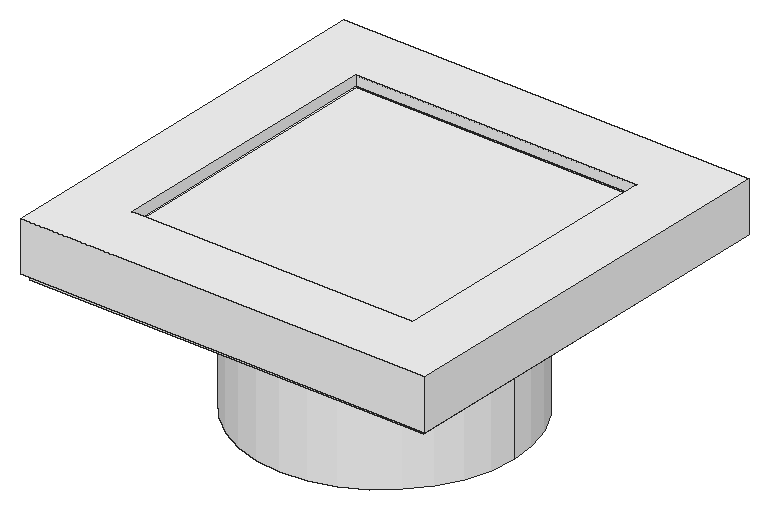
Revit family "Gira_012801", category Electrical Fixtures, host Face, Revit 2017
Family settings
  Host = Face
  Maintain Annotation Orientation = Yes
  Round Connector Dimension = Use Diameter
  Part Type = Normal
  Cut with Voids When Loaded = No
  Shared = No
  Room Calculation Point = No
Parameters (values of type "Tastschalter Wechselsch. 2f System 55 Cremeweiß")
  Zusammenstellung = "Basiselement mit zentraler Abdeckplatte"
  White [instance] = White
  Werkstoffgüte = "sonstige"
  Werkstoff = "sonstige"
  Waschmaschinenschalter = "No"
  URL = "http://katalog.gira.de/de_DE/datenblatt.html?artikelnr=012801"
  Textfeld/Beschriftungsfläche = "nein"
  Tastschalter = "Yes"
  Schaltungsart = "Wechsel-/Wechselschalter"
  Rückmeldekontakt = "No"
  Region = "DE"
  RAL-Nummer (ähnlich) = "1013 "
  Oberfläche = "sonstige"
  Nennspannung = "250 Volt"
  Name = "Tastschalter Wechselsch. 2f System 55 Cremeweiß"
  Montageart = "unter Putz"
  Model = "Sys55_Komplettgerät_Schalten und Tasten"
  Mit Montageplatte = "No"
  Manufacturer URL = "https://www.gira.de/"
  HeinzeBIM = "https://bimportal.heinze.de/bim/tastschalter-wechselsch-2f-system-55-cremeweiss/fd06888bcad226189dbe4f672d19de9b06a641b6"
  Halogenfrei = "Yes"
  HAN = "012801"
  Geeignet für Schutzart (IP) = "IP20"
  GTIN = "4010337128014"
  Farbe = "cremeweiß (elektroweiß)"
  Default Elevation = 1219.2 mm
  Data sheet (1) = "https://katalog.gira.de/de_DE/download.html?artikelnr=012801"
  Category = "Installationsschalter"
  Bemessungsstrom = "10 Ampere"
  Beleuchtung = "optional"
  Befestigungsart = "Krallen-/Schraubbefestigung"
  Bedienungsart = "Wippe/Taste"
  Available = "Yes"
  Ausführung der Oberfläche = "glänzend"
  Anzahl der Module (bei Modulbauweise) = "1 "
  Anzahl der Betätigungswippen = "2 "
  Anschlussart = "Steckklemme"
Reference planes
  plane 1 "Center (Front/Back)": y = 0
  plane 2: z = 0
  plane 3 "Center (Left/Right)": x = 0
Forms (mm)
  Extrusion 1, solid, material "White" <- "White", detail levels medium
    sketch origin (0, 0, 0) x (1, 0, 0) y (0, 1, 0)
      loop
        line (-40.4, 40.4) -> (-40.4, -40.4) -> (40.4, -40.4) -> (40.4, 40.4) -> (-40.4, 40.4)
      loop
        line (-28, 28) -> (-28, -28) -> (28, -28) -> (28, 28) -> (-28, 28)
    from 0 to 10
  Extrusion 2, solid, material "White" <- "White", detail levels fine
    sketch origin (0, 0, 0) x (1, 0, 0) y (0, 1, 0)
      loop
        line (-40.4, 40.4) -> (-40.4, -40.4) -> (40.4, -40.4) -> (40.4, 40.4) -> (-40.4, 40.4)
      loop
        line (-28, 28) -> (-28, -28) -> (28, -28) -> (28, 28) -> (-28, 28)
    from 0 to 10
  Extrusion 3, void
    sketch origin (0, 0, 0) x (1, 0, 0) y (0, 1, 0)
      loop
        line (-38.4, 38.4) -> (-38.4, -38.4) -> (38.4, -38.4) -> (38.4, 38.4) -> (-38.4, 38.4)
    from 0 to 8
  Extrusion 4, solid, material "White" <- "White", detail levels medium+fine
    sketch origin (0, 0, 0) x (1, 0, 0) y (0, 1, 0)
      loop
        line (-39.4, 39.4) -> (-39.4, -39.4) -> (39.4, -39.4) -> (39.4, 39.4) -> (-39.4, 39.4)
    from 0 to -1
  Extrusion 5, solid, material "White" <- "White", detail levels medium+fine
    sketch origin (0, 0, 0) x (1, 0, 0) y (0, 1, 0)
      loop
        line (-35.5, 35.5) -> (-35.5, -35.5) -> (35.5, -35.5) -> (35.5, 35.5) -> (-35.5, 35.5)
    from -2 to -3
  Extrusion 6, solid, material "White" <- "White", detail levels medium+fine
    sketch origin (0, 0, 0) x (1, 0, 0) y (0, 1, 0)
      loop
        circle (0, 0) r 26
    from 0 to -27.5
  Extrusion 7, solid, material "White" <- "White", detail levels coarse
    sketch origin (0, 0, 0) x (1, 0, 0) y (0, 1, 0)
      loop
        line (-40.4, 40.4) -> (-40.4, -40.4) -> (40.4, -40.4) -> (40.4, 40.4) -> (-40.4, 40.4)
    from -27.5 to 10
Cuts and joins
  Extrusion 3 cuts Extrusion 2
Dimensions and locks
  aligned and locked: plane 2 to host face
  aligned and locked: level to host face
  aligned and locked: plane 3 "Center (Left/Right)" to nested 2
  aligned and locked: plane 1 "Center (Front/Back)" to nested 2
Nested families
  nested 1: "Sys55_Abdeckung_Schalten und Tasten_floor_base" at (0, 0, 0), type "Sys55_Abdeckung_Schalten und Tasten_floor_base"
  nested 2: "Schalter" at (0, 0, 0), type "Schalter"
Connectors
  electrical at (0, 0, -27.5)
    settings: on Extrusion 6, index 1, voltage 220 V, apparent load 0 VA, apparent load phase1 0 VA, apparent load phase2 0 VA, apparent load phase3 0 VA, power factor 1, load classification "Other", number of poles 1, system type 30, power factor state 1, is connector primary yes, connector utility no, sub classification motor no, connector description ""
Definition of nested family "Sys55_Abdeckung_Schalten und Tasten_floor_base"
  Parameters
    Default Elevation = 1219.2 mm
    White [instance] = none
  Reference planes
    plane 1 "Center (Front/Back)": y = 0
    plane 2: z = 0
    plane 3 "Center (Left/Right)": x = 0
  Forms (mm)
    Extrusion 1, solid
      sketch origin (0, 0, 0) x (1, 0, 0) y (0, 1, 0)
        loop
          line (-1219.2, 1219.2) -> (-1219.2, -1219.2) -> (1219.2, -1219.2) -> (1219.2, 1219.2) -> (-1219.2, 1219.2)
      from 0 to -304.8
    Extrusion 2, solid, material <- "White", detail levels fine
      sketch origin (0, 0, 0) x (1, 0, 0) y (0, 1, 0)
        loop
          line (-27.5, 27.5) -> (-27.5, -27.5) -> (27.5, -27.5) -> (27.5, 27.5) -> (-27.5, 27.5)
      from 0 to 8
    Extrusion 3, void
      sketch origin (0, 0, 0) x (1, 0, 0) y (0, 1, 0)
        loop
          line (26, 26) -> (-26, 26) -> (-26, -26) -> (26, -26) -> (26, 26)
      from 0 to 6
    Extrusion 4, solid, material <- "White", detail levels medium
      sketch origin (0, 0, 0) x (1, 0, 0) y (0, 1, 0)
        loop
          line (-27.5, 27.5) -> (-27.5, -27.5) -> (27.5, -27.5) -> (27.5, 27.5) -> (-27.5, 27.5)
      from 0 to 8
    Extrusion 5, solid, material <- "White", detail levels medium
      sketch origin (0, 0, 0) x (1, 0, 0) y (0, 1, 0)
        loop
          line (11, -17.5) -> (11, 17.5) -> (-11, 17.5) -> (-11, -17.5) -> (11, -17.5)
      from -6 to 6
    Extrusion 6, solid, material <- "White", detail levels fine
      sketch origin (0, 0, 0) x (1, 0, 0) y (0, 1, 0)
        loop
          line (11, 17.5) -> (-11, 17.5) -> (-11, 16.5) -> (11, 16.5) -> (11, 17.5)
        loop
          line (-11, -16.5) -> (-11, -17.5) -> (11, -17.5) -> (11, -16.5) -> (-11, -16.5)
      from -4 to 6
    Extrusion 7, solid, material <- "White", detail levels fine
      sketch origin (0, 0, 0) x (1, 0, 0) y (0, 1, 0)
        loop
          arc (5, 9.347) -> (0, 10.6) -> (-5, 9.347) r 10.6
          line (-5, 9.347) -> (-5, -9.347)
          arc (-5, -9.347) -> (0, -10.6) -> (5, -9.347) r 10.6
          line (5, -9.347) -> (5, 9.347)
      from -6 to 6
    Extrusion 8, solid, material <- "White", detail levels coarse
      sketch origin (0, 0, 0) x (1, 0, 0) y (0, 1, 0)
        loop
          line (-27.5, 27.5) -> (-27.5, -27.5) -> (27.5, -27.5) -> (27.5, 27.5) -> (-27.5, 27.5)
      from -6 to 8
  Cuts and joins
    Extrusion 3 cuts Extrusion 2
  Dimensions and locks
    aligned and locked: plane 2 to Extrusion 1
    aligned and locked: level to Extrusion 1
Definition of nested family "Schalter"
  Reference planes
    plane 1: y = 0
    plane 2: x = 0
  Lines and regions (mm)
    detail lines
      curve 1: circle (1.375, 2.778, 0) r 0.8 normal (0, 0, 1)
      curve 2: line (1.021, 2.061, 0) -> (0, 0, 0)
      curve 3: line (0, 0, 0) -> (-0.538, 0.266, 0)
  Dimensions and locks
    curve 2 to curve 2 = 2.3 mm
    curve 3 to curve 2 = 0.6 mm
    radius of curve 1 = 0.8 mm
